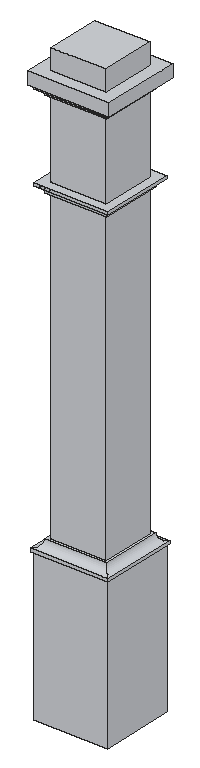
Revit family "M_Post - Newel", category 난간동자, Revit 2026
Family settings
  항상 수직 = 예
  로드될 때 보이드를 사용하여 절단 = 아니오
  공유 = 아니오
Parameters (values of type "150mm")
  w1 = Width / 2  # 75 mm
  built-in parameter 1008623 [instance] = (empty or 0)
  built-in parameter 1008625 [instance] = (empty or 0)
  Post Material = none
  Width = 150 mm
  Post = yes
  built-in parameter 1008624 [instance] = (empty or 0)
  built-in parameter 1008622 [instance] = 915 mm
Types (3, lengths in mm): name | w1 | Width
  (no name) | 75 | 150
  100mm | 50 | 100
  150mm | 75 | 150
Reference planes
  plane 1 "Center (Front/Back)": y = 0
  plane 2: z = 0
  plane 3 "Center (Left/Right)": x = 0
  plane 4 "Top": z = 915
  plane 5: z = 1219.8
  plane 6: x = -75
  plane 7: x = 75
  plane 8: y = -75
  plane 9: y = 75
  plane 10: z = 304.8
  plane 11: z = 975.325
  plane 12: z = 1178.525
Forms (mm)
  Extrusion 1, solid, material <- "Post Material"
    sketch origin (0, 0, 0) x (1, 0, 0) y (0, 1, 0)
      loop
        line (-75, 75) -> (-75, -75) -> (75, -75) -> (75, 75) -> (-75, 75)
    from 0 to 304.8
  Extrusion 2, solid, material <- "Post Material"
    sketch origin (0, 0, 0) x (1, 0, 0) y (0, 1, 0)
      loop
        line (-55.95, 55.95) -> (-55.95, -55.95) -> (55.95, -55.95) -> (55.95, 55.95) -> (-55.95, 55.95)
    from 304.8 to 1219.8
  Sweep 3, solid, material <- "Post Material"
    path origin (0, 0, 0) x (1, 0, 0) y (0, 1, 0)
      loop
        line (55.95, 55.95) -> (-55.95, 55.95) -> (-55.95, -55.95) -> (55.95, -55.95) -> (55.95, 55.95)
    profile origin (0, 0, 0) x (0, -1, 0) y (0, 0, 1)
      loop
        line (-55.95, 1178.525) -> (-81.35, 1178.525) -> (-81.35, 1153.125) -> (-55.95, 1153.125) -> (-55.95, 1178.525)
  Sweep 4, solid, material <- "Post Material"
    path origin (0, 0, 0) x (1, 0, 0) y (0, 1, 0)
      loop
        line (55.95, 55.95) -> (-55.95, 55.95) -> (-55.95, -55.95) -> (55.95, -55.95) -> (55.95, 55.95)
    profile origin (0, 0, 0) x (0, -1, 0) y (0, 0, 1)
      loop
        line (-55.95, 304.8) -> (-55.95, 327.025) -> (-62.3, 327.025)
        arc (-62.3, 327.025) -> (-66.95, 315.8) -> (-78.175, 311.15) r 15.875
        line (-78.175, 311.15) -> (-78.175, 304.8) -> (-55.95, 304.8)
      loop
        line (-55.95, 975.325) -> (-75, 975.325) -> (-75, 968.975)
        arc (-75, 968.975) -> (-66.02, 965.255) -> (-62.3, 956.275) r 12.7
        line (-62.3, 956.275) -> (-55.95, 956.275) -> (-55.95, 975.325)
      loop
        line (-75, 1153.125) -> (-75, 1146.775) -> (-62.3, 1146.775) -> (-62.3, 1134.075) -> (-55.95, 1134.075) -> (-55.95, 1153.125) -> (-75, 1153.125)
Dimensions and locks
  "built-in parameter 1008622": plane 2 to plane 4 "Top"
  equal spacing: Extrusion 1 sketch curve, plane 3 "Center (Left/Right)", Extrusion 1 sketch curve
  equal spacing: Extrusion 1 sketch curve, plane 1 "Center (Front/Back)", Extrusion 1 sketch curve
  "Width": Extrusion 1 sketch curve to Extrusion 1 sketch curve  (x2)
  "Width": plane 6 to plane 7
  "Width": plane 8 to plane 9
  equal spacing: plane 8, plane 1 "Center (Front/Back)", plane 9
  equal spacing: plane 6, plane 3 "Center (Left/Right)", plane 7
  locked: plane 4 "Top" to plane 5 at 304.8
  locked: plane 6 to Extrusion 2 sketch curve at 19.05
  locked: Extrusion 2 sketch curve to plane 7 at 19.05
  locked: Extrusion 2 sketch curve to plane 8 at 19.05
  locked: Extrusion 2 sketch curve to plane 9 at 19.05
  locked: plane 12 to plane 5 at 41.275
  locked: plane 11 to plane 12 at 203.2
  locked: level to plane 10 at 304.8
  locked: Sweep 3 sketch curve to plane 12 at 25.4
  locked: Sweep 3 sketch curve to Extrusion 2 at 25.4
  locked: plane 10 to Sweep 4 sketch curve at 22.225
  locked: Sweep 4 sketch curve to Extrusion 2 at 22.225
  Sweep 4 sketch curve to plane 11 = 19.05 mm
  aligned and locked: Extrusion 1 to level
  aligned and locked: Extrusion 1 to plane 10
  aligned and locked: Extrusion 2 to Extrusion 1
  aligned and locked: Extrusion 2 to plane 5
  aligned and locked: Sweep 3 sketch curve to Extrusion 2  (x5)
  aligned and locked: Sweep 3 sketch curve to plane 12
  aligned and locked: Sweep 4 sketch curve to Extrusion 2  (x5)
  aligned and locked: Sweep 4 sketch curve to plane 10
  aligned and locked: Sweep 4 sketch curve to plane 11
  aligned and locked: Extrusion 2 to Sweep 4 sketch curve  (x2)
  aligned and locked: Sweep 4 sketch curve to plane 9
  aligned and locked: Sweep 3 to Sweep 4 sketch curve
Automatic sketch dimensions
  Sweep 4 sketch curve to Sweep 4 sketch curve = 19.05 mm  (x2)
  profile plane to Sweep 4 sketch curve = 6.35 mm
  Sweep 4 sketch curve to Sweep 4 sketch curve = 6.35 mm  (x3)
